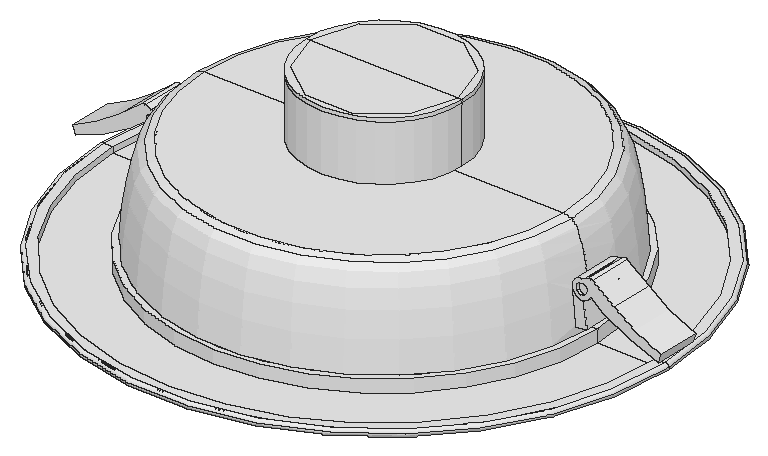
Revit family "Radian NEW 25", category Осветительные приборы, Revit 2017
Family settings
  Основа = Потолок
  Размер круглого соединителя = Использовать диаметр
  Тип детали = Нормальный
  Номер OmniClass = 23.80.70.11
  Заголовок OmniClass = Luminaries for Internal Lighting
  Всегда вертикально = Да
  При загрузке вырезать с полостями = Нет
  Источник света = Да
  Общий = Нет
  Точка расчета площади = Нет
Parameters (values of type "Radian NEW 25 3.0К")
  Wattage = 17.6381 W
  built-in parameter 1150110 = 1 (stored number, unit not read)
  built-in parameter 1114217 = 1 (stored number, unit not read)
  Tilt Angle = 90.00°
  built-in parameter 1150109 = 1 (stored number, unit not read)
  built-in parameter 1150134 = (empty or 0)
  built-in parameter 1150113 = 1 (stored number, unit not read)
  Файл фотометрической сетки = "Radian NEW 25-23-D-3.0K-03.ies"
  built-in parameter 1150142 = "IESNA:LM-63-1995\r\n[TEST]LEDEL\r\n[DATA]28.10.2017\r\n[MANUFAC]LEDEL\r\n[LUMCAT]Radian NEW 25/23/Д/3.0К/03 \r\n[LUMINAIRE]Для освещения офисных и жилых помещений, а также  декоративной подсветки\r\n[LAMPCAT]LED\r\n[LAMP]SEOUL \r\nTILT=NONE\r\n\r\n1 2620 1.4325797 37 13 1 2  -0.238  -0.238  0.074\r\n\r\n1 1 23\r\n\r\n 0 2.5 5 7.5 10 12.5 15 17.5 20 22.5 25 27.5 30 32.5 35 37.5 40 42.5 45 47.5 50 52.5 55 57.5 60 62.5 65 67.5 70 72.5 75 77.5 80 82.5\r\n 85 87.5 90\r\n\r\n  0 15 30 45 60 75 90 105 120 135 150 165 180\r\n\r\n  758 758 756 752 745 735 721 707 689 670 648 624 599 573 545\r\n  517 488 460 430 402 373 345 316 289 261 233 208 182 157 132\r\n  106 85 63 43 27 12 3\r\n  761 758 755 748 739 727 712 696 679 657 636 612 588 564 536\r\n  509 480 450 420 392 363 335 307 280 251 225 199 172 146 121\r\n  99 76 55 35 20 7 3\r\n  761 760 755 751 740 729 715 699 682 664 642 618 594 566 539\r\n  511 483 453 425 397 367 339 310 282 255 228 201 175 150 125\r\n  100 78 58 39 21 10 3\r\n  761 761 756 751 743 732 720 704 687 667 645 623 597 572 544\r\n  516 488 460 429 401 373 343 315 288 259 233 204 180 152 129\r\n  105 82 61 43 25 12 3\r\n  761 760 756 751 744 733 721 705 688 669 647 623 599 572 544\r\n  517 488 460 430 403 373 346 316 289 260 233 206 181 155 129\r\n  106 83 61 42 24 11 3\r\n  761 759 756 752 745 733 720 705 688 667 648 625 600 574 545\r\n  519 490 461 431 403 373 346 316 289 261 232 206 181 155 129\r\n  106 84 61 42 26 12 3\r\n  761 760 756 752 742 730 717 699 682 663 641 617 592 566 538\r\n  511 484 455 428 400 370 343 315 287 259 233 207 181 156 132\r\n  107 85 62 44 27 12 3\r\n  761 756 753 745 736 722 707 690 671 651 626 603 578 552 524\r\n  499 469 439 411 382 354 328 299 271 244 216 190 165 140 115\r\n  91 68 47 30 15 6 3\r\n  761 757 754 745 734 722 707 690 672 652 630 603 581 551 526\r\n  499 470 441 412 385 355 328 299 272 244 215 190 165 138 113\r\n  90 68 49 30 15 6 5\r\n  761 757 754 747 737 724 710 693 674 654 632 607 583 556 527\r\n  500 471 443 413 386 356 328 299 272 245 218 192 166 141 116\r\n  92 69 50 31 17 6 4\r\n  761 757 754 746 737 727 712 695 677 656 633 608 584 558 530\r\n  502 474 446 417 389 359 332 304 277 250 224 197 170 145 120\r\n  96 75 54 36 20 9 4\r\n  761 758 755 748 739 727 713 697 677 657 634 613 584 559 532\r\n  503 476 446 417 388 359 332 303 275 248 223 197 172 145 121\r\n  96 73 55 36 20 9 5\r\n  758 756 752 744 733 721 705 687 669 647 623 600 574 546 520\r\n  493 464 436 406 379 349 320 292 265 238 210 185 159 134 108\r\n  87 67 46 29 14 6 4\r\n\r\n"
  Lumens = 2620 lm
  built-in parameter 1150115 = 1 (stored number, unit not read)
  built-in parameter 1150105 = 208.49 (stored number, unit not read)
  built-in parameter 1150137 = (empty or 0)
  built-in parameter 1150139 = (empty or 0)
  built-in parameter 1150112 = 1 (stored number, unit not read)
  built-in parameter 1150114 = 1 (stored number, unit not read)
  built-in parameter 1150132 = 2
  Комментарии к типоразмеру = "Бытовые"
  built-in parameter 1150102 = (empty or 0)
  built-in parameter 1150138 = (empty or 0)
  built-in parameter 1150107 = 3000 (stored number, unit not read)
  built-in parameter 1150106 = 2.0849 (stored number, unit not read)
  Emit from Circle Diameter = 175.00 mm  # constant formula
  Изготовитель = "LEDEL"
  Emit Shape Visible in Rendering = yes
  built-in parameter 1150104 = 13.8 (stored number, unit not read)
  Dimming Lamp Color Temperature Shift = (empty or 0)
  Color Filter = 16777215
  built-in parameter 1114218 = 1 (stored number, unit not read)
  built-in parameter 1150133 = 10 (stored number, unit not read)
  Apparent Load = 23 VA  # constant formula
  Артикул = "203302300833400"
Types (4, lengths in mm): name | built-in parameter 1150134 | Файл фотометрической сетки | built-in parameter 1150142 | built-in parameter 1150105 | built-in parameter 1150107 | built-in parameter 1150106 | Артикул
  (no name) | (empty or 0) | "Radian NEW 25-23-D-3.0K-03.ies" | "IESNA:LM-63-1995\r\n[TEST]LEDEL\r\n[DATA]28.10.2017\r\n[MANUFAC]LEDEL\r\n[LUMCAT]Radian NEW 25/23/Д/3.0К/03 \r\n[LUMINAIRE]Для освещения офисных и жилых помещений, а также  декоративной подсветки\r\n[LAMPCAT]LED\r\n[LAMP]SEOUL \r\nTILT=NONE\r\n\r\n1 2620 1.4325797 37 13 1 2  -0.238  -0.238  0.074\r\n\r\n1 1 23\r\n\r\n 0 2.5 5 7.5 10 12.5 15 17.5 20 22.5 25 27.5 30 32.5 35 37.5 40 42.5 45 47.5 50 52.5 55 57.5 60 62.5 65 67.5 70 72.5 75 77.5 80 82.5\r\n 85 87.5 90\r\n\r\n  0 15 30 45 60 75 90 105 120 135 150 165 180\r\n\r\n  758 758 756 752 745 735 721 707 689 670 648 624 599 573 545\r\n  517 488 460 430 402 373 345 316 289 261 233 208 182 157 132\r\n  106 85 63 43 27 12 3\r\n  761 758 755 748 739 727 712 696 679 657 636 612 588 564 536\r\n  509 480 450 420 392 363 335 307 280 251 225 199 172 146 121\r\n  99 76 55 35 20 7 3\r\n  761 760 755 751 740 729 715 699 682 664 642 618 594 566 539\r\n  511 483 453 425 397 367 339 310 282 255 228 201 175 150 125\r\n  100 78 58 39 21 10 3\r\n  761 761 756 751 743 732 720 704 687 667 645 623 597 572 544\r\n  516 488 460 429 401 373 343 315 288 259 233 204 180 152 129\r\n  105 82 61 43 25 12 3\r\n  761 760 756 751 744 733 721 705 688 669 647 623 599 572 544\r\n  517 488 460 430 403 373 346 316 289 260 233 206 181 155 129\r\n  106 83 61 42 24 11 3\r\n  761 759 756 752 745 733 720 705 688 667 648 625 600 574 545\r\n  519 490 461 431 403 373 346 316 289 261 232 206 181 155 129\r\n  106 84 61 42 26 12 3\r\n  761 760 756 752 742 730 717 699 682 663 641 617 592 566 538\r\n  511 484 455 428 400 370 343 315 287 259 233 207 181 156 132\r\n  107 85 62 44 27 12 3\r\n  761 756 753 745 736 722 707 690 671 651 626 603 578 552 524\r\n  499 469 439 411 382 354 328 299 271 244 216 190 165 140 115\r\n  91 68 47 30 15 6 3\r\n  761 757 754 745 734 722 707 690 672 652 630 603 581 551 526\r\n  499 470 441 412 385 355 328 299 272 244 215 190 165 138 113\r\n  90 68 49 30 15 6 5\r\n  761 757 754 747 737 724 710 693 674 654 632 607 583 556 527\r\n  500 471 443 413 386 356 328 299 272 245 218 192 166 141 116\r\n  92 69 50 31 17 6 4\r\n  761 757 754 746 737 727 712 695 677 656 633 608 584 558 530\r\n  502 474 446 417 389 359 332 304 277 250 224 197 170 145 120\r\n  96 75 54 36 20 9 4\r\n  761 758 755 748 739 727 713 697 677 657 634 613 584 559 532\r\n  503 476 446 417 388 359 332 303 275 248 223 197 172 145 121\r\n  96 73 55 36 20 9 5\r\n  758 756 752 744 733 721 705 687 669 647 623 600 574 546 520\r\n  493 464 436 406 379 349 320 292 265 238 210 185 159 134 108\r\n  87 67 46 29 14 6 4\r\n\r\n" | 208.49 (stored number, unit not read) | 3000 (stored number, unit not read) | 2.0849 (stored number, unit not read) | "203302300833400"
  Radian NEW 25 3.0К | (empty or 0) | "Radian NEW 25-23-D-3.0K-03.ies" | "IESNA:LM-63-1995\r\n[TEST]LEDEL\r\n[DATA]28.10.2017\r\n[MANUFAC]LEDEL\r\n[LUMCAT]Radian NEW 25/23/Д/3.0К/03 \r\n[LUMINAIRE]Для освещения офисных и жилых помещений, а также  декоративной подсветки\r\n[LAMPCAT]LED\r\n[LAMP]SEOUL \r\nTILT=NONE\r\n\r\n1 2620 1.4325797 37 13 1 2  -0.238  -0.238  0.074\r\n\r\n1 1 23\r\n\r\n 0 2.5 5 7.5 10 12.5 15 17.5 20 22.5 25 27.5 30 32.5 35 37.5 40 42.5 45 47.5 50 52.5 55 57.5 60 62.5 65 67.5 70 72.5 75 77.5 80 82.5\r\n 85 87.5 90\r\n\r\n  0 15 30 45 60 75 90 105 120 135 150 165 180\r\n\r\n  758 758 756 752 745 735 721 707 689 670 648 624 599 573 545\r\n  517 488 460 430 402 373 345 316 289 261 233 208 182 157 132\r\n  106 85 63 43 27 12 3\r\n  761 758 755 748 739 727 712 696 679 657 636 612 588 564 536\r\n  509 480 450 420 392 363 335 307 280 251 225 199 172 146 121\r\n  99 76 55 35 20 7 3\r\n  761 760 755 751 740 729 715 699 682 664 642 618 594 566 539\r\n  511 483 453 425 397 367 339 310 282 255 228 201 175 150 125\r\n  100 78 58 39 21 10 3\r\n  761 761 756 751 743 732 720 704 687 667 645 623 597 572 544\r\n  516 488 460 429 401 373 343 315 288 259 233 204 180 152 129\r\n  105 82 61 43 25 12 3\r\n  761 760 756 751 744 733 721 705 688 669 647 623 599 572 544\r\n  517 488 460 430 403 373 346 316 289 260 233 206 181 155 129\r\n  106 83 61 42 24 11 3\r\n  761 759 756 752 745 733 720 705 688 667 648 625 600 574 545\r\n  519 490 461 431 403 373 346 316 289 261 232 206 181 155 129\r\n  106 84 61 42 26 12 3\r\n  761 760 756 752 742 730 717 699 682 663 641 617 592 566 538\r\n  511 484 455 428 400 370 343 315 287 259 233 207 181 156 132\r\n  107 85 62 44 27 12 3\r\n  761 756 753 745 736 722 707 690 671 651 626 603 578 552 524\r\n  499 469 439 411 382 354 328 299 271 244 216 190 165 140 115\r\n  91 68 47 30 15 6 3\r\n  761 757 754 745 734 722 707 690 672 652 630 603 581 551 526\r\n  499 470 441 412 385 355 328 299 272 244 215 190 165 138 113\r\n  90 68 49 30 15 6 5\r\n  761 757 754 747 737 724 710 693 674 654 632 607 583 556 527\r\n  500 471 443 413 386 356 328 299 272 245 218 192 166 141 116\r\n  92 69 50 31 17 6 4\r\n  761 757 754 746 737 727 712 695 677 656 633 608 584 558 530\r\n  502 474 446 417 389 359 332 304 277 250 224 197 170 145 120\r\n  96 75 54 36 20 9 4\r\n  761 758 755 748 739 727 713 697 677 657 634 613 584 559 532\r\n  503 476 446 417 388 359 332 303 275 248 223 197 172 145 121\r\n  96 73 55 36 20 9 5\r\n  758 756 752 744 733 721 705 687 669 647 623 600 574 546 520\r\n  493 464 436 406 379 349 320 292 265 238 210 185 159 134 108\r\n  87 67 46 29 14 6 4\r\n\r\n" | 208.49 (stored number, unit not read) | 3000 (stored number, unit not read) | 2.0849 (stored number, unit not read) | "203302300833400"
  Radian NEW 25 5.0К | 2 | "Radian NEW 25-23-D-5.0K-03.ies" | "IESNA:LM-63-1995\r\n[TEST]LEDEL\r\n[DATA]28.10.2017\r\n[MANUFAC]LEDEL\r\n[LUMCAT]Radian NEW 25/23/Д/5.0К/03 \r\n[LUMINAIRE]Для освещения офисных и жилых помещений, а также  декоративной подсветки\r\n[LAMPCAT]LED\r\n[LAMP]SEOUL \r\nTILT=NONE\r\n\r\n1 2620 1.4325797 37 13 1 2  -0.238  -0.238  0.074\r\n\r\n1 1 23\r\n\r\n 0 2.5 5 7.5 10 12.5 15 17.5 20 22.5 25 27.5 30 32.5 35 37.5 40 42.5 45 47.5 50 52.5 55 57.5 60 62.5 65 67.5 70 72.5 75 77.5 80 82.5\r\n 85 87.5 90\r\n\r\n  0 15 30 45 60 75 90 105 120 135 150 165 180\r\n\r\n  758 758 756 752 745 735 721 707 689 670 648 624 599 573 545\r\n  517 488 460 430 402 373 345 316 289 261 233 208 182 157 132\r\n  106 85 63 43 27 12 3\r\n  761 758 755 748 739 727 712 696 679 657 636 612 588 564 536\r\n  509 480 450 420 392 363 335 307 280 251 225 199 172 146 121\r\n  99 76 55 35 20 7 3\r\n  761 760 755 751 740 729 715 699 682 664 642 618 594 566 539\r\n  511 483 453 425 397 367 339 310 282 255 228 201 175 150 125\r\n  100 78 58 39 21 10 3\r\n  761 761 756 751 743 732 720 704 687 667 645 623 597 572 544\r\n  516 488 460 429 401 373 343 315 288 259 233 204 180 152 129\r\n  105 82 61 43 25 12 3\r\n  761 760 756 751 744 733 721 705 688 669 647 623 599 572 544\r\n  517 488 460 430 403 373 346 316 289 260 233 206 181 155 129\r\n  106 83 61 42 24 11 3\r\n  761 759 756 752 745 733 720 705 688 667 648 625 600 574 545\r\n  519 490 461 431 403 373 346 316 289 261 232 206 181 155 129\r\n  106 84 61 42 26 12 3\r\n  761 760 756 752 742 730 717 699 682 663 641 617 592 566 538\r\n  511 484 455 428 400 370 343 315 287 259 233 207 181 156 132\r\n  107 85 62 44 27 12 3\r\n  761 756 753 745 736 722 707 690 671 651 626 603 578 552 524\r\n  499 469 439 411 382 354 328 299 271 244 216 190 165 140 115\r\n  91 68 47 30 15 6 3\r\n  761 757 754 745 734 722 707 690 672 652 630 603 581 551 526\r\n  499 470 441 412 385 355 328 299 272 244 215 190 165 138 113\r\n  90 68 49 30 15 6 5\r\n  761 757 754 747 737 724 710 693 674 654 632 607 583 556 527\r\n  500 471 443 413 386 356 328 299 272 245 218 192 166 141 116\r\n  92 69 50 31 17 6 4\r\n  761 757 754 746 737 727 712 695 677 656 633 608 584 558 530\r\n  502 474 446 417 389 359 332 304 277 250 224 197 170 145 120\r\n  96 75 54 36 20 9 4\r\n  761 758 755 748 739 727 713 697 677 657 634 613 584 559 532\r\n  503 476 446 417 388 359 332 303 275 248 223 197 172 145 121\r\n  96 73 55 36 20 9 5\r\n  758 756 752 744 733 721 705 687 669 647 623 600 574 546 520\r\n  493 464 436 406 379 349 320 292 265 238 210 185 159 134 108\r\n  87 67 46 29 14 6 4\r\n\r\n" | 208.49 (stored number, unit not read) | 5000 (stored number, unit not read) | 2.0849 (stored number, unit not read) | "201021"
  Radian NEW 25 4.0К | 12 | "Radian NEW 25-23-D-4.0K-03.ies" | "IESNA:LM-63-1995\r\n[TEST]LEDEL\r\n[DATA]28.10.2017\r\n[MANUFAC]LEDEL\r\n[LUMCAT]Radian NEW 25/23/Д/4.0К/03 \r\n[LUMINAIRE]Для освещения офисных и жилых помещений, а также  декоративной подсветки\r\n[LAMPCAT]LED\r\n[LAMP]SEOUL \r\nTILT=NONE\r\n\r\n1 2620 1.4325797 37 13 1 2  -0.238  -0.238  0.074\r\n\r\n1 1 23\r\n\r\n 0 2.5 5 7.5 10 12.5 15 17.5 20 22.5 25 27.5 30 32.5 35 37.5 40 42.5 45 47.5 50 52.5 55 57.5 60 62.5 65 67.5 70 72.5 75 77.5 80 82.5\r\n 85 87.5 90\r\n\r\n  0 15 30 45 60 75 90 105 120 135 150 165 180\r\n\r\n  758 758 756 752 745 735 721 707 689 670 648 624 599 573 545\r\n  517 488 460 430 402 373 345 316 289 261 233 208 182 157 132\r\n  106 85 63 43 27 12 3\r\n  761 758 755 748 739 727 712 696 679 657 636 612 588 564 536\r\n  509 480 450 420 392 363 335 307 280 251 225 199 172 146 121\r\n  99 76 55 35 20 7 3\r\n  761 760 755 751 740 729 715 699 682 664 642 618 594 566 539\r\n  511 483 453 425 397 367 339 310 282 255 228 201 175 150 125\r\n  100 78 58 39 21 10 3\r\n  761 761 756 751 743 732 720 704 687 667 645 623 597 572 544\r\n  516 488 460 429 401 373 343 315 288 259 233 204 180 152 129\r\n  105 82 61 43 25 12 3\r\n  761 760 756 751 744 733 721 705 688 669 647 623 599 572 544\r\n  517 488 460 430 403 373 346 316 289 260 233 206 181 155 129\r\n  106 83 61 42 24 11 3\r\n  761 759 756 752 745 733 720 705 688 667 648 625 600 574 545\r\n  519 490 461 431 403 373 346 316 289 261 232 206 181 155 129\r\n  106 84 61 42 26 12 3\r\n  761 760 756 752 742 730 717 699 682 663 641 617 592 566 538\r\n  511 484 455 428 400 370 343 315 287 259 233 207 181 156 132\r\n  107 85 62 44 27 12 3\r\n  761 756 753 745 736 722 707 690 671 651 626 603 578 552 524\r\n  499 469 439 411 382 354 328 299 271 244 216 190 165 140 115\r\n  91 68 47 30 15 6 3\r\n  761 757 754 745 734 722 707 690 672 652 630 603 581 551 526\r\n  499 470 441 412 385 355 328 299 272 244 215 190 165 138 113\r\n  90 68 49 30 15 6 5\r\n  761 757 754 747 737 724 710 693 674 654 632 607 583 556 527\r\n  500 471 443 413 386 356 328 299 272 245 218 192 166 141 116\r\n  92 69 50 31 17 6 4\r\n  761 757 754 746 737 727 712 695 677 656 633 608 584 558 530\r\n  502 474 446 417 389 359 332 304 277 250 224 197 170 145 120\r\n  96 75 54 36 20 9 4\r\n  761 758 755 748 739 727 713 697 677 657 634 613 584 559 532\r\n  503 476 446 417 388 359 332 303 275 248 223 197 172 145 121\r\n  96 73 55 36 20 9 5\r\n  758 756 752 744 733 721 705 687 669 647 623 600 574 546 520\r\n  493 464 436 406 379 349 320 292 265 238 210 185 159 134 108\r\n  87 67 46 29 14 6 4\r\n\r\n" | 761 (stored number, unit not read) | 4000 (stored number, unit not read) | 7.61 (stored number, unit not read) | "203302300843400"
Reference planes
  plane 1 "Light Source Axis (F/B)": y = 0
  plane 2 "Ceiling": z = 2438.4
  plane 3 "Light Source Axis (L/R)": x = 0
  plane 4 "Light Source Elevation": z = 2434.3
Forms (mm)
  Revolve 1, solid, material "Aluminum"
    sketch origin (0, 0, -2.5) x (1, 0, 0) y (0, 0, 1)
      loop
        arc (-118.7, 2440.9) -> (-118.637, 2440.096) -> (-118, 2439.6) r 1
        line (-118, 2439.6) -> (-113.75, 2438.3) -> (-94, 2436.8) -> (0, 2436.8) -> (0, 2510.8) -> (-30.967, 2510.8) -> (-32.485, 2510.8) -> (-32.485, 2509.338) -> (-32.485, 2485.838) -> (-26.811, 2485.838) -> (-26.811, 2483.338) -> (-75, 2483.338) -> (-78.048, 2482.229)
        spline (-78.048, 2482.229) -> (-79.062, 2481.529) -> (-80.022, 2480.392) -> (-80.928, 2478.816) -> (-81.781, 2476.803) -> (-82.579, 2474.352) -> (-83.323, 2471.464) -> (-84.014, 2468.137) -> (-84.65, 2464.373) -> (-85.233, 2460.171) -> (-85.761, 2455.531) -> (-86.236, 2450.453) -> (-86.657, 2444.938)
        line (-86.657, 2444.938) -> (-89.088, 2444.938) -> (-89.088, 2439.6) -> (-113.2, 2439.6) -> (-113.2, 2442) -> (-117.2, 2442)
        spline (-117.2, 2442) -> (-117.391, 2442.006) -> (-117.57, 2441.994) -> (-117.736, 2441.965) -> (-117.891, 2441.918) -> (-118.034, 2441.853) -> (-118.165, 2441.77) -> (-118.284, 2441.669) -> (-118.391, 2441.551) -> (-118.486, 2441.415) -> (-118.57, 2441.261) -> (-118.641, 2441.089) -> (-118.7, 2440.9)
      axis (0, 2436.8) -> (0, 2510.8)
    angle from 0 to 360
  Extrusion 2, solid, material "Aluminum"
    sketch origin (-349.752, 0, 13.688) x (0.992546, 0, -0.121869) y (0.121869, 0, 0.992546)
      loop
        line (-30.633, 2445.776) -> (-30.633, 2459.237) -> (-36.789, 2459.237) -> (-36.789, 2461.283)
        arc (-36.789, 2461.283) -> (-43.111, 2463.245) -> (-39.336, 2457.808) r 3.5
        line (-39.336, 2457.808) -> (-39.336, 2445.776) -> (-30.633, 2445.776)
    from -8 to 8
  Extrusion 3, solid, material "Aluminum"
    sketch origin (-49.395, 0, 0.425) x (1, 0, 0) y (0, 0, 1)
      loop
        arc (-43.944, 2459.231) -> (-36.784, 2459.181) -> (-41.055, 2464.928) r 4
        line (-41.055, 2464.928) -> (-42.879, 2465.847)
        arc (-42.879, 2465.847) -> (-43.809, 2466.023) -> (-44.692, 2465.68) r 1.718
        line (-44.692, 2465.68) -> (-53.625, 2458.885)
        spline (-53.625, 2458.885) -> (-55.051, 2457.828) -> (-56.516, 2456.797) -> (-58.022, 2455.79) -> (-59.568, 2454.808) -> (-61.154, 2453.851) -> (-62.781, 2452.919) -> (-64.449, 2452.012) -> (-66.157, 2451.131) -> (-67.906, 2450.274) -> (-69.695, 2449.443) -> (-71.526, 2448.637) -> (-73.397, 2447.856)
        line (-73.397, 2447.856) -> (-72.289, 2444.498)
        spline (-72.289, 2444.498) -> (-70.155, 2445.189) -> (-68.061, 2445.915) -> (-66.007, 2446.677) -> (-63.994, 2447.473) -> (-62.022, 2448.304) -> (-60.09, 2449.171) -> (-58.199, 2450.072) -> (-56.349, 2451.009) -> (-54.541, 2451.981) -> (-52.773, 2452.989) -> (-51.047, 2454.032) -> (-49.362, 2455.11)
        line (-49.362, 2455.11) -> (-43.944, 2459.231)
      loop
        circle (-40.352, 2460.99) r 2.3
    from -9 to 9
  Extrusion 4, solid, material "Aluminum"
    sketch origin (349.752, 0, 13.688) x (-0.992546, 0, -0.121869) y (0.121869, 0, -0.992546)
      loop
        line (-30.633, -2445.776) -> (-39.336, -2445.776) -> (-39.336, -2457.808)
        arc (-39.336, -2457.808) -> (-43.111, -2463.245) -> (-36.789, -2461.283) r 3.5
        line (-36.789, -2461.283) -> (-36.789, -2459.237) -> (-30.633, -2459.237) -> (-30.633, -2445.776)
    from -8 to 8
  Extrusion 5, solid, material "Aluminum"
    sketch origin (49.395, 0, 0.425) x (-1, 0, 0) y (0, 0, -1)
      loop
        line (-43.944, -2459.231) -> (-49.362, -2455.11)
        spline (-49.362, -2455.11) -> (-51.047, -2454.032) -> (-52.773, -2452.989) -> (-54.541, -2451.981) -> (-56.349, -2451.009) -> (-58.199, -2450.072) -> (-60.09, -2449.171) -> (-62.022, -2448.304) -> (-63.994, -2447.473) -> (-66.007, -2446.677) -> (-68.061, -2445.915) -> (-70.155, -2445.189) -> (-72.289, -2444.498)
        line (-72.289, -2444.498) -> (-73.397, -2447.856)
        spline (-73.397, -2447.856) -> (-71.526, -2448.637) -> (-69.695, -2449.443) -> (-67.906, -2450.274) -> (-66.157, -2451.131) -> (-64.449, -2452.012) -> (-62.781, -2452.919) -> (-61.154, -2453.851) -> (-59.568, -2454.808) -> (-58.022, -2455.79) -> (-56.516, -2456.797) -> (-55.051, -2457.828) -> (-53.625, -2458.885)
        line (-53.625, -2458.885) -> (-44.692, -2465.68)
        arc (-44.692, -2465.68) -> (-43.809, -2466.023) -> (-42.879, -2465.847) r 1.718
        line (-42.879, -2465.847) -> (-41.055, -2464.928)
        arc (-41.055, -2464.928) -> (-36.784, -2459.181) -> (-43.944, -2459.231) r 4
      loop
        circle (-40.352, -2460.99) r 2.3
    from -9 to 9
Cuts and joins
  joined: Revolve 1, Extrusion 2, Extrusion 4
Dimensions and locks
  equal spacing: host sketch curve, plane 3 "Light Source Axis (L/R)", host sketch curve
  equal spacing: host sketch curve, plane 1 "Light Source Axis (F/B)", host sketch curve
  host sketch curve to host sketch curve = 3048.00 mm  (x2)
  aligned and locked: plane 3 "Light Source Axis (L/R)" to imposter light
  aligned and locked: plane 1 "Light Source Axis (F/B)" to imposter light
  aligned and locked: plane 4 "Light Source Elevation" to imposter light
Connectors
  electrical at (0, 0, 2475.61), driven by "Apparent Load"
    settings: on cut or joined group of Revolve 1, Extrusion 2, Extrusion 4, index 1, voltage 230 V, apparent load 23 VA, apparent load phase1 0 VA, apparent load phase2 0 VA, apparent load phase3 0 VA, power factor 1, load classification "Other", number of poles 1, system type 30, power factor state 1, is connector primary yes, connector utility no, sub classification motor no, connector description ""
